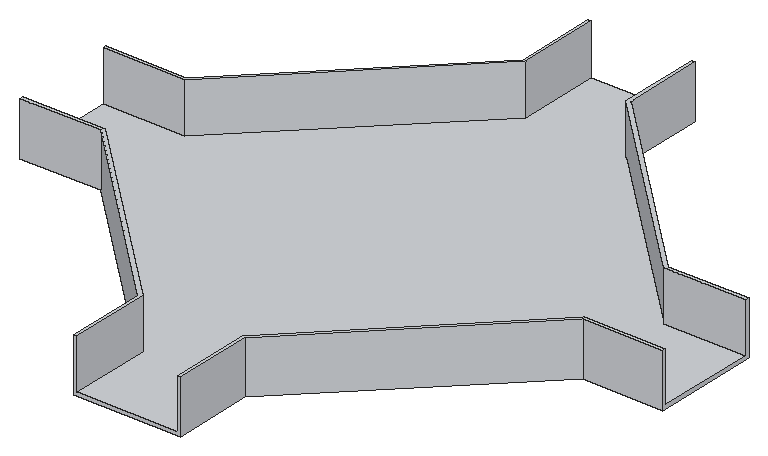
Revit family "槽式电缆桥架水平四通", category 电缆桥架配件, Revit 2020
Family settings
  圆形连接件大小 = 使用直径
  零件类型 = 槽式四通
  基于工作平面 = 否
  总是垂直 = 是
  加载时剪切的空心 = 否
  共享 = 否
Parameters (values of type "标准")
  Default Elevation = 0 mm
  桥架宽度 3 [instance] = 100 mm
  桥架宽度 1 [instance] = 100 mm
  桥架长度 [instance] = 75 mm
  桥架高度 [instance] = 50 mm
  默认高程 [instance] = 3 mm
  最大桥架宽度 13 [instance] = if(桥架宽度 1 > 桥架宽度 3, 桥架宽度 1, 桥架宽度 3)  # 100 mm
  长度 5 [instance] = if(not(最大桥架宽度 13 > 50 mm), 200 mm, if(not(最大桥架宽度 13 > 250 mm), 250 mm, if(not(最大桥架宽度 13 > 300 mm), 350 mm, 400 mm)))  # 250 mm
  长度 3 [instance] = 桥架宽度 1 + 长度 5 * 2  # 600 mm
  长度 4 [instance] = 默认高程 * tan(22.50°)  # 1.243 mm
  长度 1 [instance] = 桥架宽度 3 + 长度 5 * 2  # 600 mm
Reference planes
  plane 1 "中心(前/后)": y = 0
  plane 2: z = 0
  plane 3 "中心(左/右)": x = 0
  plane 4: x = -300
  plane 5: x = 300
  plane 6: y = -300
  plane 7: y = 50
  plane 8: y = -50
  plane 9: x = -50
  plane 10: x = 50
  plane 11: x = -225
  plane 12: x = 225
  plane 13: y = -225
  plane 14: z = -25
  plane 15: z = 25
  plane 16: z = -22
  plane 17: y = 47
  plane 18: y = -47
  plane 19: x = -47
  plane 20: x = 47
  plane 21: x = -223.757
  plane 22: x = 223.757
  plane 23: y = -223.757
  plane 24: y = 300
  plane 25: y = 225
  plane 26: y = 223.757
Forms (mm)
  Extrusion 1, solid, detail levels fine
    sketch origin (0, 0, 0) x (1, 0, 0) y (0, 1, 0)
      loop
        line (-225, -50) -> (-50, -225) -> (-50, -300) -> (50, -300) -> (50, -225) -> (225, -50) -> (300, -50) -> (300, 50) -> (225, 50) -> (50, 225) -> (50, 300) -> (-50, 300) -> (-50, 225) -> (-225, 50) -> (-300, 50) -> (-300, -50) -> (-225, -50)
    from -25 to -22
  Extrusion 2, solid, detail levels medium
    sketch origin (0, 0, 0) x (1, 0, 0) y (0, 1, 0)
      loop
        line (-225, -50) -> (-50, -225) -> (-50, -300) -> (50, -300) -> (50, -225) -> (225, -50) -> (300, -50) -> (300, 50) -> (225, 50) -> (50, 225) -> (50, 300) -> (-50, 300) -> (-50, 225) -> (-225, 50) -> (-300, 50) -> (-300, -50) -> (-225, -50)
    from -25 to 25
  Extrusion 3, solid, detail levels fine
    sketch origin (0, 0, 0) x (1, 0, 0) y (0, 1, 0)
      loop
        line (-223.757, -47) -> (-300, -47) -> (-300, -50) -> (-225, -50) -> (-50, -225) -> (-50, -300) -> (-47, -300) -> (-47, -223.757) -> (-223.757, -47)
      loop
        line (223.757, -47) -> (47, -223.757) -> (47, -300) -> (50, -300) -> (50, -225) -> (225, -50) -> (300, -50) -> (300, -47) -> (223.757, -47)
      loop
        line (-225, 50) -> (-300, 50) -> (-300, 47) -> (-223.757, 47) -> (-47, 223.757) -> (-47, 300) -> (-50, 300) -> (-50, 225) -> (-225, 50)
      loop
        line (50, 225) -> (50, 300) -> (47, 300) -> (47, 223.757) -> (223.757, 47) -> (300, 47) -> (300, 50) -> (225, 50) -> (50, 225)
    from -22 to 25
Cuts and joins
  joined: Extrusion 1, Extrusion 3
Lines and regions (mm)
  model lines, detail levels coarse
    curve 1: line (-300, 0, 0) -> (300, 0, 0)
    curve 2: line (0, 0, 0) -> (0, -300, 0)
    curve 3: line (0, 300, 0) -> (0, 0, 0)
Dimensions and locks
  equal spacing: plane 4, plane 3 "中心(左/右)", plane 5
  "长度 1": plane 4 to plane 5
  equal spacing: plane 7, plane 1 "中心(前/后)", plane 8
  "桥架宽度 1": plane 7 to plane 8
  equal spacing: plane 9, plane 3 "中心(左/右)", plane 10
  "桥架宽度 3": plane 9 to plane 10
  "桥架长度": plane 4 to plane 11
  "桥架长度": plane 12 to plane 5
  "桥架长度": plane 13 to plane 6
  equal spacing: plane 15, plane 2, plane 14
  "桥架高度": plane 15 to plane 14
  "默认高程": plane 16 to plane 14
  "默认高程": plane 7 to plane 17
  "默认高程": plane 18 to plane 8
  "默认高程": plane 9 to plane 19
  "默认高程": plane 20 to plane 10
  "长度 4": plane 11 to plane 21
  "长度 4": plane 22 to plane 12
  "长度 4": plane 23 to plane 13
  equal spacing: plane 24, plane 1 "中心(前/后)", plane 6
  "长度 3": plane 6 to plane 24
  "桥架长度": plane 25 to plane 24
  "长度 4": plane 26 to plane 25
  aligned and locked: plane 13 to Extrusion 1 sketch curve  (x2)
  aligned and locked: plane 9 to Extrusion 1 sketch curve  (x3)
  aligned and locked: plane 8 to Extrusion 1 sketch curve  (x2)
  aligned and locked: plane 11 to Extrusion 1 sketch curve  (x2)
  aligned and locked: plane 10 to Extrusion 1 sketch curve  (x3)
  aligned and locked: plane 12 to Extrusion 1 sketch curve  (x2)
  aligned and locked: plane 4 to Extrusion 1 sketch curve  (x2)
  aligned and locked: Extrusion 1 sketch curve to plane 8  (x2)
  aligned and locked: plane 7 to Extrusion 1 sketch curve  (x2)
  aligned and locked: plane 5 to Extrusion 1 sketch curve  (x2)
  aligned and locked: plane 6 to Extrusion 1 sketch curve  (x2)
  aligned and locked: Extrusion 1 to plane 14
  aligned and locked: plane 16 to Extrusion 1
  aligned and locked: plane 9 to Extrusion 2 sketch curve  (x3)
  aligned and locked: plane 8 to Extrusion 2 sketch curve  (x2)
  aligned and locked: plane 11 to Extrusion 2 sketch curve  (x2)
  aligned and locked: plane 13 to Extrusion 2 sketch curve  (x2)
  aligned and locked: plane 10 to Extrusion 2 sketch curve  (x3)
  aligned and locked: plane 12 to Extrusion 2 sketch curve  (x2)
  aligned and locked: plane 4 to Extrusion 2 sketch curve  (x2)
  aligned and locked: Extrusion 2 sketch curve to plane 8  (x2)
  aligned and locked: plane 7 to Extrusion 2 sketch curve  (x2)
  aligned and locked: plane 5 to Extrusion 2 sketch curve  (x2)
  aligned and locked: Extrusion 2 sketch curve to plane 6
  aligned and locked: plane 6 to Extrusion 2 sketch curve
  aligned and locked: Extrusion 2 to plane 14
  aligned and locked: plane 15 to Extrusion 2
  aligned and locked: plane 8 to Extrusion 3 sketch curve  (x2)
  aligned and locked: plane 18 to Extrusion 3 sketch curve  (x2)
  aligned and locked: plane 21 to Extrusion 3 sketch curve  (x2)
  aligned and locked: plane 13 to Extrusion 3 sketch curve  (x2)
  aligned and locked: plane 9 to Extrusion 3 sketch curve  (x3)
  aligned and locked: Extrusion 3 sketch curve to plane 18  (x2)
  aligned and locked: Extrusion 3 sketch curve to plane 4  (x2)
  aligned and locked: plane 11 to Extrusion 3 sketch curve  (x2)
  aligned and locked: plane 4 to Extrusion 3 sketch curve  (x2)
  aligned and locked: Extrusion 3 sketch curve to plane 8  (x2)
  aligned and locked: plane 23 to Extrusion 3 sketch curve  (x2)
  aligned and locked: plane 6 to Extrusion 3 sketch curve  (x2)
  aligned and locked: Extrusion 3 sketch curve to plane 19  (x2)
  aligned and locked: plane 19 to Extrusion 3 sketch curve  (x2)
  aligned and locked: Extrusion 3 sketch curve to plane 6  (x2)
  aligned and locked: plane 10 to Extrusion 3 sketch curve  (x3)
  aligned and locked: Extrusion 3 sketch curve to plane 5  (x2)
  aligned and locked: plane 22 to Extrusion 3 sketch curve  (x2)
  aligned and locked: plane 12 to Extrusion 3 sketch curve  (x2)
  aligned and locked: plane 5 to Extrusion 3 sketch curve  (x2)
  aligned and locked: plane 20 to Extrusion 3 sketch curve  (x2)
  aligned and locked: Extrusion 3 sketch curve to plane 20  (x2)
  aligned and locked: Extrusion 3 to plane 16
  aligned and locked: plane 15 to Extrusion 3
  aligned and locked: plane 4 to curve 1
  aligned and locked: plane 5 to curve 1
  aligned and locked: plane 1 "中心(前/后)" to curve 1
  aligned and locked: plane 6 to curve 2
  aligned and locked: plane 1 "中心(前/后)" to curve 2
  aligned and locked: curve 2 to plane 3 "中心(左/右)"
  aligned and locked: Extrusion 2 sketch curve to plane 7  (x2)
  aligned and locked: plane 24 to Extrusion 2 sketch curve  (x2)
  aligned and locked: Extrusion 2 sketch curve to plane 9
  aligned and locked: Extrusion 2 sketch curve to plane 10
  aligned and locked: plane 25 to Extrusion 2 sketch curve  (x2)
  aligned and locked: plane 25 to Extrusion 1 sketch curve  (x2)
  aligned and locked: Extrusion 1 sketch curve to plane 7  (x2)
  aligned and locked: plane 24 to Extrusion 1 sketch curve  (x2)
  aligned and locked: Extrusion 1 sketch curve to plane 9
  aligned and locked: Extrusion 1 sketch curve to plane 10
  aligned and locked: plane 7 to Extrusion 3 sketch curve  (x2)
  aligned and locked: plane 17 to Extrusion 3 sketch curve  (x2)
  aligned and locked: Extrusion 3 sketch curve to plane 7  (x2)
  aligned and locked: Extrusion 3 sketch curve to plane 17  (x2)
  aligned and locked: plane 24 to Extrusion 3 sketch curve  (x4)
  aligned and locked: plane 25 to Extrusion 3 sketch curve  (x2)
  aligned and locked: Extrusion 3 sketch curve to plane 9
  aligned and locked: plane 26 to Extrusion 3 sketch curve  (x2)
  aligned and locked: Extrusion 3 sketch curve to plane 10
  aligned and locked: plane 24 to curve 3
  aligned and locked: curve 3 to plane 3 "中心(左/右)"
Connectors
  cabletrayconduit at (-300, 0, 0), diameter 600, driven by "桥架高度", driven by "桥架宽度 1"
    settings: on Extrusion 2, index 1, connector width 100 mm, connector height 50 mm, connector angle 0.00°, system type 32, placement type 0, profile type 1, connector reference index 2, is primary connector yes, connector utility param no, connector description ""
  cabletrayconduit at (300, 0, 0), diameter 600, driven by "桥架高度", driven by "桥架宽度 1"
    settings: on Extrusion 2, index 2, connector width 100 mm, connector height 50 mm, connector angle 0.00°, system type 32, placement type 0, profile type 1, connector reference index 1, is primary connector no, connector utility param no, connector description ""
  cabletrayconduit at (0, -300, 0), diameter 600, driven by "桥架高度", driven by "桥架宽度 3"
    settings: on Extrusion 2, index 3, connector width 100 mm, connector height 50 mm, connector angle 0.00°, system type 32, placement type 0, profile type 1, connector reference index 4, is primary connector no, connector utility param no, connector description ""
  cabletrayconduit at (0, 300, 0), diameter 600, driven by "桥架高度", driven by "桥架宽度 3"
    settings: on Extrusion 2, index 4, connector width 100 mm, connector height 50 mm, connector angle 0.00°, system type 32, placement type 0, profile type 1, connector reference index 3, is primary connector no, connector utility param no, connector description ""
